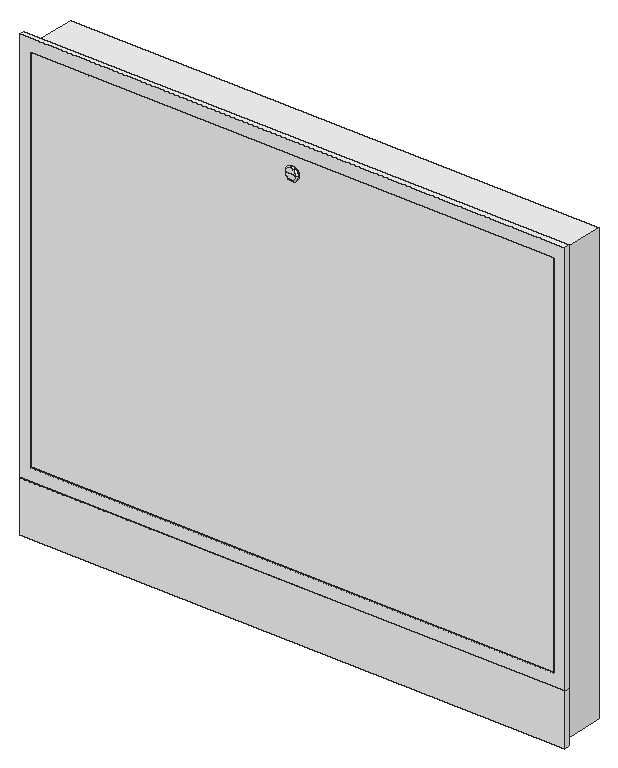
Revit family "UnoFloor Mixing Comfort(Control)_RFA_1", category Pipe Accessories, Revit 2019
Family settings
  Round Connector Dimension = Use Diameter
  Part Type = Valve - Breaks Into
  OmniClass Number = 23.65.55.14.17
  OmniClass Title = Adjusting/Controlling Valves for Liquid Services
  Work Plane-Based = Yes
  Always vertical = Yes
  Cut with Voids When Loaded = No
  Shared = No
Parameters (values of type "UnoFloor Mixing Comfort_4L-12L")
  W = 110.0 mm  # constant formula
  Voltage = 230 V
  URL = "https://store.danfoss.com/en/Climate-Solutions-for-heating/Stations/UnoFloor/c/31547?q=%3Arelevance%3Adanfoss_producttypehierarchydesc%3AUnoFloor+Mixing+%E2%80%93+Comfort&text="
  Type number = 1
  Type Comments = ""
  Right Assembly = not(Left Assembly)  # no
  Required Circuits [instance] = 12
  Product Code [instance] = if(Type number = 1, size_lookup(LookupTableName, "CL", "NA", Number of Circuits), if(Type number = 2, size_lookup(LookupTableName, "CR", "NA", Number of Circuits), if(Type number = 3, size_lookup(LookupTableName, "CoL", "NA", Number of Circuits), if(Type number = 4, size_lookup(LookupTableName, "CoR", "NA", Number of Circuits), "NA"))))  # "088X4612"
  Pressure Drop [instance] = 0.0 Pa
  Power = 0 VA
  Pack Contents = "Danfoss Icon™ Wiring center 230V, Actuators, Stainless steel manifold, Spacer Heat meter, AB-PM, Shunt, Circulation Pump"
  Number of Circuits [instance] = if(Required Circuits < 4, 4, if(Required Circuits > 12, 12, if(Required Circuits = 9, 10, if(Required Circuits = 11, 12, Required Circuits))))  # 12
  Nominal Pressure = "PN 6"  # constant formula
  Model Type [instance] = if(Type number = 1, size_lookup(LookupTableName, "TypeCL", "NA", Number of Circuits), if(Type number = 2, size_lookup(LookupTableName, "TypeCR", "NA", Number of Circuits), if(Type number = 3, size_lookup(LookupTableName, "TypeCoL", "NA", Number of Circuits), if(Type number = 4, size_lookup(LookupTableName, "TypeCoR", "NA", Number of Circuits), "NA"))))  # "Unofloor Mixing 12 Loops Left Icon 230V"
  Model = "088X4604,088X4605,088X4606,088X4607,088X4608,088X4610,088X4612"
  Max Medium Temperature = "60 °C"  # constant formula
  Max Differential Pressure = "0.6 bar"  # constant formula
  Manufacturer = "Danfoss"  # constant formula
  LookupTableName = "Unofloor Mixing Comfort(Control)_Lookup"  # constant formula
  Left Assembly = yes
  L5a [instance] = if(Left Assembly, L5, (L - L5 - ((Number of Circuits - 1) * 50.0 mm)))  # 470.0 mm
  L5 [instance] = if(and(Number of Circuits > 3, Number of Circuits < 7), 420.5 mm, if(and(Number of Circuits > 6, Number of Circuits < 9), 465.0 mm, 470.0 mm))  # 470.0 mm
  L4a [instance] = if(Left Assembly, L4, (L - L4 - ((Number of Circuits - 1) * 50.0 mm)))  # 444.8 mm
  L4 [instance] = if(and(Number of Circuits > 3, Number of Circuits < 7), 395.3 mm, if(and(Number of Circuits > 6, Number of Circuits < 9), 439.8 mm, 444.8 mm))  # 444.8 mm
  L3a [instance] = if(Left Assembly, L3, L - L3)  # 210.2 mm
  L3 [instance] = if(and(Number of Circuits > 3, Number of Circuits < 7), 160.3 mm, if(and(Number of Circuits > 6, Number of Circuits < 9), 204.5 mm, 210.2 mm))  # 210.2 mm
  L2a [instance] = if(Left Assembly, L2, L - L2)  # 111.2 mm
  L2 [instance] = if(and(Number of Circuits > 3, Number of Circuits < 7), 61.7 mm, if(and(Number of Circuits > 6, Number of Circuits < 9), 106.2 mm, 111.2 mm))  # 111.2 mm
  L1 = 50.0 mm  # constant formula
  L [instance] = if(and(Number of Circuits > 3, Number of Circuits < 7), 790.0 mm, if(and(Number of Circuits > 6, Number of Circuits < 9), 940.0 mm, 1140.0 mm))  # 1140.0 mm
  IfcExportType = "Unofloor Mixing Comfort Left"
  IfcExportAs = "IfcValveType"  # constant formula
  H2 = 166.0 mm  # constant formula
  H1 = 262.0 mm  # constant formula
  H = 939.0 mm  # constant formula
  Flow 9 [instance] = 0.0 m³/h
  Flow 8 [instance] = 0.0 m³/h
  Flow 7 [instance] = 0.0 m³/h
  Flow 6 [instance] = 0.0 m³/h
  Flow 5 [instance] = 0.0 m³/h
  Flow 4 [instance] = 0.0 m³/h
  Flow 3 [instance] = 0.0 m³/h
  Flow 2 [instance] = 0.0 m³/h
  Flow 12 [instance] = 0.0 m³/h
  Flow 11 [instance] = 0.0 m³/h
  Flow 10 [instance] = 0.0 m³/h
  Flow 1 [instance] = 0.0 m³/h
  Flow [instance] = 0.0 m³/h
  Description = "Distribution Units"  # constant formula
  Default Elevation = 1219.2 mm
  D = 20.0 mm
  Clearance Zone Front Visibility [instance] = no
  Clearance Zone Front [instance] = 500.0 mm  # constant formula
  Body Material = Danfoss Steel (Zinc Plated and Painted White)
Types (5, lengths in mm): name | URL | Type number | Right Assembly | Product Code | Pack Contents | Model Type | Model | Left Assembly | L5a | L4a | L3a | L2a | IfcExportType
  (no name) | "https://store.danfoss.com/en/Climate-Solutions-for-heating/Stations/UnoFloor/c/31547?q=%3Arelevance%3Adanfoss_producttypehierarchydesc%3AUnoFloor+Mixing+%E2%80%93+Comfort&text=" | 1 | no | "088X4612" | "Danfoss Icon™ Wiring center 230V, Actuators, Stainless steel manifold, Spacer Heat meter, AB-PM, Shunt, Circulation Pump" | "Unofloor Mixing 12 Loops Left Icon 230V" | "088X4604,088X4605,088X4606,088X4607,088X4608,088X4610,088X4612" | yes | 470.0 | 444.8 | 210.2 | 111.2 | "Unofloor Mixing Comfort Left"
  UnoFloor Mixing Control_4L-12L | "https://store.danfoss.com/en/Climate-Solutions-for-heating/Stations/UnoFloor/c/31547?q=%3Arelevance%3Adanfoss_producttypehierarchydesc%3AUnoFloor+Mixing+%E2%80%93+Control&text=" | 3 | no | "088X4722" | "Danfoss Icon2™ Master controller 230V, Actuators, Stainless steel manifold, Spacer Heat meter, AB-PM, Shunt, Circulation Pump" | "Unofloor Mixing 12 Loops Left ICON2 - 230V" | "088X4714,088X4715,088X4716,088X4717,088X4718,088X4720,088X4722" | yes | 470.0 | 444.8 | 210.2 | 111.2 | "Unofloor Mixing Control Left"
  UnoFloor Mixing Control_4R-12R | "https://store.danfoss.com/en/Climate-Solutions-for-heating/Stations/UnoFloor/c/31547?q=%3Arelevance%3Adanfoss_producttypehierarchydesc%3AUnoFloor+Mixing+%E2%80%93+Control&text=" | 4 | yes | "088X4742" | "Danfoss Icon2™ Master controller 230V, Actuators, Stainless steel manifold, Spacer Heat meter, AB-PM, Shunt, Circulation Pump" | "Unofloor Mixing 12 Loops Right ICON2 - 230V" | "088X4734,088X4735,088X4736,088X4737,088X4738,088X4740,088X4742" | no | 120.0 | 145.2 | 929.8 | 1028.8 | "Unofloor Mixing Control Right"
  UnoFloor Mixing Comfort_4L-12L | "https://store.danfoss.com/en/Climate-Solutions-for-heating/Stations/UnoFloor/c/31547?q=%3Arelevance%3Adanfoss_producttypehierarchydesc%3AUnoFloor+Mixing+%E2%80%93+Comfort&text=" | 1 | no | "088X4612" | "Danfoss Icon™ Wiring center 230V, Actuators, Stainless steel manifold, Spacer Heat meter, AB-PM, Shunt, Circulation Pump" | "Unofloor Mixing 12 Loops Left Icon 230V" | "088X4604,088X4605,088X4606,088X4607,088X4608,088X4610,088X4612" | yes | 470.0 | 444.8 | 210.2 | 111.2 | "Unofloor Mixing Comfort Left"
  UnoFloor Mixing Comfort_4R-12R | "https://store.danfoss.com/en/Climate-Solutions-for-heating/Stations/UnoFloor/c/31547?q=%3Arelevance%3Adanfoss_producttypehierarchydesc%3AUnoFloor+Mixing+%E2%80%93+Comfort&text=" | 2 | yes | "088X4632" | "Danfoss Icon™ Wiring center 230V, Actuators, Stainless steel manifold, Spacer Heat meter, AB-PM, Shunt, Circulation Pump" | "Unofloor Mixing 12 Loops Right Icon 230V" | "088X4624,088X4625,088X4626,088X4627,088X4628,088X4630,088X4632" | no | 120.0 | 145.2 | 929.8 | 1028.8 | "Unofloor Mixing Comfort Right"
Reference planes
  plane 1 "Center (Front/Back)": y = 0
  plane 2: z = 0
  plane 3 "Center (Left/Right)": x = 0
  plane 4: x = 0
  plane 5: x = 1140
  plane 6: z = 939
  plane 7 "Ref. Level 4": z = 166
  plane 8 "Ref. Level 3": z = 262
  plane 9 "Ref. Level 1": z = 579.2
  plane 10 "Ref. Level 2": z = 366.2
  plane 11: x = 444.8
  plane 12: y = 100
  plane 13 "Front 1": y = 55.75
  plane 14 "Front 2": y = 29.9
  plane 15: x = 111.2
  plane 16: x = 210.2
  plane 17: x = 470
  plane 18: y = -10
  plane 19: x = 570
  plane 20 "Ref-Level_1": z = 877.5
  plane 21: y = 63.3
  plane 22: y = 54
Forms (mm)
  Extrusion 1, solid
    sketch origin (470, -10.497, 573.404) x (0, 0.996195, 0.087156) y (-1, 0, 0)
      loop
        circle (66.5, 0) r 13.22
    from 0 to 16.7
  Extrusion 2, solid, material "Danfoss Steel (Zinc Plated and Painted White)" <- "Body Material", detail levels fine
    sketch origin (94.5, 0, 0) x (1, 0, 0) y (0, 0, 1)
      loop
        line (-94.5, 0) -> (1045.5, 0) -> (1045.5, 939) -> (-94.5, 939) -> (-94.5, 0)
    from 10 to -100
  Extrusion 3, solid
    sketch origin (520, -10.497, 573.404) x (0, 0.996195, 0.087156) y (-1, 0, 0)
      loop
        circle (66.5, 0) r 13.22
    from 0 to 16.7
  Extrusion 4, solid
    sketch origin (570, -10.497, 573.404) x (0, 0.996195, 0.087156) y (-1, 0, 0)
      loop
        circle (66.5, 0) r 13.22
    from 0 to 16.7
  Extrusion 5, solid
    sketch origin (620, -10.497, 573.404) x (0, 0.996195, 0.087156) y (-1, 0, 0)
      loop
        circle (66.5, 0) r 13.22
    from 0 to 16.7
  Extrusion 6, solid
    sketch origin (408.3, 64.9, 366.2) x (0, 1, 0) y (-1, 0, 0)
      loop
        circle (-35, -36.5) r 13.22
    from 0 to 16.7
  Extrusion 7, solid
    sketch origin (458.3, 64.9, 366.2) x (0, 1, 0) y (-1, 0, 0)
      loop
        circle (-35, -36.5) r 13.22
    from 0 to 16.7
  Extrusion 8, solid
    sketch origin (508.3, 64.9, 366.2) x (0, 1, 0) y (-1, 0, 0)
      loop
        circle (-35, -36.5) r 13.22
    from 0 to 16.7
  Extrusion 9, solid
    sketch origin (558.3, 64.9, 366.2) x (0, 1, 0) y (-1, 0, 0)
      loop
        circle (-35, -36.5) r 13.22
    from 0 to 16.7
  Extrusion 10, solid, material "Danfoss Steel (Zinc Plated and Painted White)" <- "Body Material", detail levels fine
    sketch origin (94.5, 0, 262) x (-1, 0, 0) y (0, -1, 0)
      loop
        circle (-16.7, -54) r 13.2
    from 0 to 12.3
  Extrusion 11, solid, material "Danfoss Steel (Zinc Plated and Painted White)" <- "Body Material", detail levels fine
    sketch origin (94.5, 0, 166) x (-1, 0, 0) y (0, -1, 0)
      loop
        circle (-115.7, -63.3) r 13.2
    from 0 to 12.3
  Extrusion 12, solid
    sketch origin (670, -10.497, 573.404) x (0, 0.996195, 0.087156) y (-1, 0, 0)
      loop
        circle (66.5, 0) r 13.22
    from 0 to 16.7
  Extrusion 13, solid
    sketch origin (720, -10.497, 573.404) x (0, 0.996195, 0.087156) y (-1, 0, 0)
      loop
        circle (66.5, 0) r 13.22
    from 0 to 16.7
  Extrusion 14, solid
    sketch origin (770, -10.497, 573.404) x (0, 0.996195, 0.087156) y (-1, 0, 0)
      loop
        circle (66.5, 0) r 13.22
    from 0 to 16.7
  Extrusion 15, solid
    sketch origin (820, -10.497, 573.404) x (0, 0.996195, 0.087156) y (-1, 0, 0)
      loop
        circle (66.5, 0) r 13.22
    from 0 to 16.7
  Extrusion 16, solid
    sketch origin (870, -10.497, 573.404) x (0, 0.996195, 0.087156) y (-1, 0, 0)
      loop
        circle (66.5, 0) r 13.22
    from 0 to 16.7
  Extrusion 17, solid
    sketch origin (920, -10.497, 573.404) x (0, 0.996195, 0.087156) y (-1, 0, 0)
      loop
        circle (66.5, 0) r 13.22
    from 0 to 16.7
  Extrusion 18, solid
    sketch origin (970, -10.497, 573.404) x (0, 0.996195, 0.087156) y (-1, 0, 0)
      loop
        circle (66.5, 0) r 13.22
    from 0 to 16.7
  Extrusion 19, solid
    sketch origin (1020, -10.497, 573.404) x (0, 0.996195, 0.087156) y (-1, 0, 0)
      loop
        circle (66.5, 0) r 13.22
    from 0 to 16.7
  Extrusion 20, solid
    sketch origin (608.3, 64.9, 366.2) x (0, 1, 0) y (-1, 0, 0)
      loop
        circle (-35, -36.5) r 13.22
    from 0 to 16.7
  Extrusion 21, solid
    sketch origin (658.3, 64.9, 366.2) x (0, 1, 0) y (-1, 0, 0)
      loop
        circle (-35, -36.5) r 13.22
    from 0 to 16.7
  Extrusion 22, solid
    sketch origin (708.3, 64.9, 366.2) x (0, 1, 0) y (-1, 0, 0)
      loop
        circle (-35, -36.5) r 13.22
    from 0 to 16.7
  Extrusion 23, solid
    sketch origin (758.3, 64.9, 366.2) x (0, 1, 0) y (-1, 0, 0)
      loop
        circle (-35, -36.5) r 13.22
    from 0 to 16.7
  Extrusion 24, solid
    sketch origin (808.3, 64.9, 366.2) x (0, 1, 0) y (-1, 0, 0)
      loop
        circle (-35, -36.5) r 13.22
    from 0 to 16.7
  Extrusion 25, solid
    sketch origin (858.3, 64.9, 366.2) x (0, 1, 0) y (-1, 0, 0)
      loop
        circle (-35, -36.5) r 13.22
    from 0 to 16.7
  Extrusion 26, solid
    sketch origin (908.3, 64.9, 366.2) x (0, 1, 0) y (-1, 0, 0)
      loop
        circle (-35, -36.5) r 13.22
    from 0 to 16.7
  Extrusion 27, solid
    sketch origin (958.3, 64.9, 366.2) x (0, 1, 0) y (-1, 0, 0)
      loop
        circle (-35, -36.5) r 13.22
    from 0 to 16.7
  Extrusion 28, void
    sketch origin (0, 0, 0) x (1, 0, 0) y (0, 0, 1)
      loop
        line (23, 912) -> (23, 134) -> (1117, 134) -> (1117, 912) -> (23, 912)
      loop
        line (24, 135) -> (1116, 135) -> (1116, 911) -> (24, 911) -> (24, 135)
    from 0 to 10
  Extrusion 29, void
    sketch origin (0, 0, 0) x (1, 0, 0) y (0, 0, 1)
      loop
        line (0, 108) -> (0, 107) -> (1140, 107) -> (1140, 108) -> (0, 108)
    from 0 to 10
  Extrusion 30, void
    sketch origin (0, 0, 0) x (1, 0, 0) y (0, 0, 1)
      loop
        line (0, 939) -> (0, 0) -> (17.5, 0) -> (17.5, 922) -> (1122.5, 922) -> (1122.5, 0) -> (1140, 0) -> (1140, 939) -> (0, 939)
    from 0 to -100
  Revolve 31, solid, material "Danfoss Steel (Zinc Plated and Painted White)" <- "Body Material", detail levels fine
    sketch origin (0, 0, 877.5) x (-1, 0, 0) y (0, -1, 0)
      loop
        line (-555.988, 10) -> (-555.988, 11) -> (-558.988, 14) -> (-570, 14) -> (-570, 10) -> (-555.988, 10)
      axis (-570, 10) -> (-570, 14)
    angle from 0 to 360
  Extrusion 32, solid, material "Danfoss Steel (Zinc Plated and Painted White)" <- "Body Material", detail levels coarse+medium
    sketch origin (0, 0, 0) x (1, 0, 0) y (0, 0, 1)
      loop
        line (1140, 939) -> (0, 939) -> (0, 0) -> (1140, 0) -> (1140, 939)
    from -100 to 10
  Extrusion 33, solid, material "Transparent", visible <- "Clearance Zone Front Visibility"
    sketch origin (0, 0, 0) x (1, 0, 0) y (0, 0, 1)
      loop
        line (0, 939) -> (0, 0) -> (1140, 0) -> (1140, 939) -> (0, 939)
    from -100 to 400
Cuts and joins
  Extrusion 28, Extrusion 29, Extrusion 30 cuts Extrusion 2
Dimensions and locks
  "L": plane 5 to plane 4
  "H": plane 6 to level
  "H2": plane 7 "Ref. Level 4" to level
  "H1": plane 8 "Ref. Level 3" to level
  locked: plane 9 "Ref. Level 1" to plane 2 at 579.2
  equal spacing: group 1, group 2, group 3, group 4, group 9, group 10, group 11, group 12, group 13, group 14, group 15, group 16  (x3)
  plane 13 "Front 1" to plane 12 = 44.25 mm
  locked: plane 14 "Front 2" to plane 13 "Front 1" at 25.85
  equal spacing: group 5, group 6, group 7, group 8, group 17, group 18, group 19, group 20, group 21, group 22, group 23, group 24  (x3)
  "L1": plane 11 to Extrusion 7
  locked: plane 9 "Ref. Level 1" to plane 10 "Ref. Level 2" at 213
  "L4a": plane 11 to plane 4
  "L1": plane 17 to Extrusion 3
  "L5a": plane 17 to plane 4
  "L2a": plane 15 to plane 4
  "L3a": plane 16 to plane 4
  "W": plane 18 to plane 12
  locked: plane 18 to plane 1 "Center (Front/Back)" at 10
  locked: plane 6 to Extrusion 28 sketch curve at 27
  locked: Extrusion 28 sketch curve to plane 4 at 23
  locked: plane 5 to Extrusion 28 sketch curve at 23
  locked: Extrusion 28 sketch curve to Extrusion 28 sketch curve at 1
  equal spacing: plane 5, plane 19, plane 3 "Center (Left/Right)"
  Extrusion 29 sketch curve to Extrusion 29 sketch curve to plane 2 = 1.0 mm locked, 107.0 mm locked
  locked: Extrusion 30 sketch curve to plane 4 at 17.5
  locked: plane 6 to Extrusion 30 sketch curve at 17
  locked: plane 5 to Extrusion 30 sketch curve at 17.5
  locked: plane 6 to plane 20 "Ref-Level_1" at 61.5
  Revolve 31 sketch curve to Revolve 31 sketch curve = 14.012 mm
  locked: Revolve 31 sketch curve to cut or joined group of Extrusion 2, Extrusion 28, Extrusion 29, Extrusion 30 at 4
  locked: Revolve 31 sketch curve to cut or joined group of Extrusion 2, Extrusion 28, Extrusion 29, Extrusion 30 at 1
  "Clearance Zone Front": Extrusion 33 to plane 12
  plane 11 to plane 16 = 234.6 mm
  locked: plane 21 to plane 12 at 36.7
  locked: plane 22 to plane 12 at 46
  locked: Extrusion 28 sketch curve to plane 2 at 134
  diameter of Extrusion 1 sketch curve = 26.44 mm
  diameter of Extrusion 3 sketch curve = 26.44 mm
  diameter of Extrusion 4 sketch curve = 26.44 mm
  diameter of Extrusion 5 sketch curve = 26.44 mm
  diameter of Extrusion 6 sketch curve = 26.44 mm
  diameter of Extrusion 7 sketch curve = 26.44 mm
  diameter of Extrusion 8 sketch curve = 26.44 mm
  diameter of Extrusion 9 sketch curve = 26.44 mm
  diameter of Extrusion 10 sketch curve = 26.4 mm
  diameter of Extrusion 11 sketch curve = 26.4 mm
  diameter of Extrusion 12 sketch curve = 26.44 mm
  diameter of Extrusion 13 sketch curve = 26.44 mm
  diameter of Extrusion 14 sketch curve = 26.44 mm
  diameter of Extrusion 15 sketch curve = 26.44 mm
  diameter of Extrusion 16 sketch curve = 26.44 mm
  diameter of Extrusion 17 sketch curve = 26.44 mm
  diameter of Extrusion 18 sketch curve = 26.44 mm
  diameter of Extrusion 19 sketch curve = 26.44 mm
  diameter of Extrusion 20 sketch curve = 26.44 mm
  diameter of Extrusion 21 sketch curve = 26.44 mm
  diameter of Extrusion 22 sketch curve = 26.44 mm
  diameter of Extrusion 23 sketch curve = 26.44 mm
  diameter of Extrusion 24 sketch curve = 26.44 mm
  diameter of Extrusion 25 sketch curve = 26.44 mm
  diameter of Extrusion 26 sketch curve = 26.44 mm
  diameter of Extrusion 27 sketch curve = 26.44 mm
  locked: Revolve 31 sketch curve to Revolve 31 sketch curve (angle 135.00°)
  aligned and locked: level to plane 2
  aligned and locked: plane 17 to Extrusion 1
  aligned and locked: plane 11 to Extrusion 6
  aligned and locked: plane 18 to Extrusion 2
  aligned and locked: Extrusion 2 to plane 12
  aligned and locked: Extrusion 2 to Extrusion 28
  aligned and locked: plane 3 "Center (Left/Right)" to Extrusion 29 sketch curve
  aligned and locked: Extrusion 29 sketch curve to plane 5
  aligned and locked: Extrusion 2 to Extrusion 29
  aligned and locked: Extrusion 30 sketch curve to cut or joined group of Extrusion 2, Extrusion 28, Extrusion 29, Extrusion 30  (x2)
  aligned and locked: Extrusion 30 sketch curve to plane 2
  aligned and locked: Extrusion 30 to Extrusion 2
  aligned and locked: cut or joined group of Extrusion 2, Extrusion 28, Extrusion 29, Extrusion 30 to Revolve 31 sketch curve
  aligned and locked: Revolve 31 sketch curve to plane 19
  aligned and locked: Revolve 31 sketch curve to Revolve 31 sketch curve  (x3)
  aligned and locked: Extrusion 32 sketch curve to cut or joined group of Extrusion 2, Extrusion 28, Extrusion 29, Extrusion 30  (x3)
  aligned and locked: cut or joined group of Extrusion 2, Extrusion 28, Extrusion 29, Extrusion 30 to Extrusion 32 sketch curve
  aligned and locked: plane 18 to Extrusion 32
  aligned and locked: Extrusion 32 to plane 12
  aligned and locked: Extrusion 33 sketch curve to cut or joined group of Extrusion 2, Extrusion 28, Extrusion 29, Extrusion 30  (x3)
  aligned and locked: cut or joined group of Extrusion 2, Extrusion 28, Extrusion 29, Extrusion 30 to Extrusion 33 sketch curve
  aligned and locked: Extrusion 33 to plane 12
  aligned and locked: plane 15 to Extrusion 10 sketch curve
  aligned and locked: plane 16 to Extrusion 11 sketch curve
  aligned and locked: Extrusion 10 sketch curve to plane 22
  aligned and locked: plane 21 to Extrusion 11 sketch curve
Automatic sketch dimensions
  Extrusion 2 sketch curve to plane 4 = 0.0 mm
  Extrusion 2 sketch curve to plane 5 = 0.0 mm
  Extrusion 2 sketch curve to level = 0.0 mm
  Extrusion 2 sketch curve to plane 6 = 0.0 mm
  Extrusion 28 sketch curve to Extrusion 28 sketch curve = 1.0 mm  (x3)
  Extrusion 30 sketch curve to level = 0.0 mm
  Extrusion 30 sketch curve to plane 5 = 0.0 mm
Connectors
  piping at (111.2, 54, 262), diameter 20, driven by "D", driven by "Flow"
    settings: on Extrusion 10, index 1, connector inside diameter 609.6 mm, connector length 0.0 mm, flow factor 0, pipe flow 0.0 m³/h, pressure drop 0.0 Pa, fitting loss kfactor 0, connector angle 0.00°, fixture units 0, engagement length 0.0 mm, angle of deflection 0.00°, flow configuration 0, flow direction 2, fitting loss method 0, system type 8, joint type 0, gender type 0, connector reference index -1, connector utility 0, adjustable connector no, is connector primary yes, connector description "Return"
  piping at (210.2, 63.3, 166), diameter 20, driven by "D", driven by "Flow"
    settings: on Extrusion 11, index 2, connector inside diameter 609.6 mm, connector length 0.0 mm, flow factor 0, pipe flow 0.0 m³/h, pressure drop 0.0 Pa, fitting loss kfactor 0, connector angle 0.00°, fixture units 0, engagement length 0.0 mm, angle of deflection 0.00°, flow configuration 0, flow direction 1, fitting loss method 0, system type 7, joint type 0, gender type 0, connector reference index -1, connector utility 0, adjustable connector no, is connector primary no, connector description "Supply"
  piping at (444.8, 29.9, 366.2), diameter 20, driven by "D", driven by "Flow 1"
    settings: on Extrusion 6, index 3, connector inside diameter 609.6 mm, connector length 0.0 mm, flow factor 0, pipe flow 0.0 m³/h, pressure drop 0.0 Pa, fitting loss kfactor 0, connector angle 0.00°, fixture units 0, engagement length 0.0 mm, angle of deflection 0.00°, flow configuration 0, flow direction 1, fitting loss method 0, system type 7, joint type 0, gender type 0, connector reference index -1, connector utility 0, adjustable connector no, is connector primary no, connector description "Supply1"
  piping at (494.8, 29.9, 366.2), diameter 20, driven by "D", driven by "Flow 2"
    settings: on Extrusion 7, index 4, connector inside diameter 609.6 mm, connector length 0.0 mm, flow factor 0, pipe flow 0.0 m³/h, pressure drop 0.0 Pa, fitting loss kfactor 0, connector angle 0.00°, fixture units 0, engagement length 0.0 mm, angle of deflection 0.00°, flow configuration 0, flow direction 1, fitting loss method 0, system type 7, joint type 0, gender type 0, connector reference index -1, connector utility 0, adjustable connector no, is connector primary no, connector description "Supply2"
  piping at (544.8, 29.9, 366.2), diameter 20, driven by "D", driven by "Flow 3"
    settings: on Extrusion 8, index 5, connector inside diameter 609.6 mm, connector length 0.0 mm, flow factor 0, pipe flow 0.0 m³/h, pressure drop 0.0 Pa, fitting loss kfactor 0, connector angle 0.00°, fixture units 0, engagement length 0.0 mm, angle of deflection 0.00°, flow configuration 0, flow direction 1, fitting loss method 0, system type 7, joint type 0, gender type 0, connector reference index -1, connector utility 0, adjustable connector no, is connector primary no, connector description "Supply3"
  piping at (594.8, 29.9, 366.2), diameter 20, driven by "D", driven by "Flow 4"
    settings: on Extrusion 9, index 6, connector inside diameter 609.6 mm, connector length 0.0 mm, flow factor 0, pipe flow 0.0 m³/h, pressure drop 0.0 Pa, fitting loss kfactor 0, connector angle 0.00°, fixture units 0, engagement length 0.0 mm, angle of deflection 0.00°, flow configuration 0, flow direction 1, fitting loss method 0, system type 7, joint type 0, gender type 0, connector reference index -1, connector utility 0, adjustable connector no, is connector primary no, connector description "Supply4"
  piping at (620, 55.75, 579.2), diameter 20, driven by "D", driven by "Flow 4"
    settings: on Extrusion 5, index 11, connector inside diameter 609.6 mm, connector length 0.0 mm, flow factor 0, pipe flow 0.0 m³/h, pressure drop 0.0 Pa, fitting loss kfactor 0, connector angle 0.00°, fixture units 0, engagement length 0.0 mm, angle of deflection 0.00°, flow configuration 0, flow direction 2, fitting loss method 0, system type 8, joint type 0, gender type 0, connector reference index -1, connector utility 0, adjustable connector no, is connector primary no, connector description "Return4"
  piping at (570, 55.75, 579.2), diameter 20, driven by "D", driven by "Flow 3"
    settings: on Extrusion 4, index 12, connector inside diameter 609.6 mm, connector length 0.0 mm, flow factor 0, pipe flow 0.0 m³/h, pressure drop 0.0 Pa, fitting loss kfactor 0, connector angle 0.00°, fixture units 0, engagement length 0.0 mm, angle of deflection 0.00°, flow configuration 0, flow direction 2, fitting loss method 0, system type 8, joint type 0, gender type 0, connector reference index -1, connector utility 0, adjustable connector no, is connector primary no, connector description "Return3"
  piping at (520, 55.75, 579.2), diameter 20, driven by "D", driven by "Flow 2"
    settings: on Extrusion 3, index 13, connector inside diameter 609.6 mm, connector length 0.0 mm, flow factor 0, pipe flow 0.0 m³/h, pressure drop 0.0 Pa, fitting loss kfactor 0, connector angle 0.00°, fixture units 0, engagement length 0.0 mm, angle of deflection 0.00°, flow configuration 0, flow direction 2, fitting loss method 0, system type 8, joint type 0, gender type 0, connector reference index -1, connector utility 0, adjustable connector no, is connector primary no, connector description "Return2"
  piping at (470, 55.75, 579.2), diameter 20, driven by "D", driven by "Flow 1"
    settings: on Extrusion 1, index 14, connector inside diameter 609.6 mm, connector length 0.0 mm, flow factor 0, pipe flow 0.0 m³/h, pressure drop 0.0 Pa, fitting loss kfactor 0, connector angle 0.00°, fixture units 0, engagement length 0.0 mm, angle of deflection 0.00°, flow configuration 0, flow direction 2, fitting loss method 0, system type 8, joint type 0, gender type 0, connector reference index -1, connector utility 0, adjustable connector no, is connector primary no, connector description "Return1"
  piping at (670, 55.75, 579.2), diameter 20, driven by "D", driven by "Flow 5"
    settings: on Extrusion 12, index 15, connector inside diameter 609.6 mm, connector length 0.0 mm, flow factor 0, pipe flow 0.0 m³/h, pressure drop 0.0 Pa, fitting loss kfactor 0, connector angle 0.00°, fixture units 0, engagement length 0.0 mm, angle of deflection 0.00°, flow configuration 0, flow direction 2, fitting loss method 0, system type 8, joint type 0, gender type 0, connector reference index -1, connector utility 0, adjustable connector no, is connector primary no, connector description "Return5"
  piping at (720, 55.75, 579.2), diameter 20, driven by "D", driven by "Flow 6"
    settings: on Extrusion 13, index 16, connector inside diameter 609.6 mm, connector length 0.0 mm, flow factor 0, pipe flow 0.0 m³/h, pressure drop 0.0 Pa, fitting loss kfactor 0, connector angle 0.00°, fixture units 0, engagement length 0.0 mm, angle of deflection 0.00°, flow configuration 0, flow direction 2, fitting loss method 0, system type 8, joint type 0, gender type 0, connector reference index -1, connector utility 0, adjustable connector no, is connector primary no, connector description "Return6"
  piping at (770, 55.75, 579.2), diameter 20, driven by "D", driven by "Flow 7"
    settings: on Extrusion 14, index 17, connector inside diameter 609.6 mm, connector length 0.0 mm, flow factor 0, pipe flow 0.0 m³/h, pressure drop 0.0 Pa, fitting loss kfactor 0, connector angle 0.00°, fixture units 0, engagement length 0.0 mm, angle of deflection 0.00°, flow configuration 0, flow direction 2, fitting loss method 0, system type 8, joint type 0, gender type 0, connector reference index -1, connector utility 0, adjustable connector no, is connector primary no, connector description "Return7"
  piping at (820, 55.75, 579.2), diameter 20, driven by "D", driven by "Flow 8"
    settings: on Extrusion 15, index 18, connector inside diameter 609.6 mm, connector length 0.0 mm, flow factor 0, pipe flow 0.0 m³/h, pressure drop 0.0 Pa, fitting loss kfactor 0, connector angle 0.00°, fixture units 0, engagement length 0.0 mm, angle of deflection 0.00°, flow configuration 0, flow direction 2, fitting loss method 0, system type 8, joint type 0, gender type 0, connector reference index -1, connector utility 0, adjustable connector no, is connector primary no, connector description "Return8"
  piping at (870, 55.75, 579.2), diameter 20, driven by "D", driven by "Flow 9"
    settings: on Extrusion 16, index 19, connector inside diameter 609.6 mm, connector length 0.0 mm, flow factor 0, pipe flow 0.0 m³/h, pressure drop 0.0 Pa, fitting loss kfactor 0, connector angle 0.00°, fixture units 0, engagement length 0.0 mm, angle of deflection 0.00°, flow configuration 0, flow direction 2, fitting loss method 0, system type 8, joint type 0, gender type 0, connector reference index -1, connector utility 0, adjustable connector no, is connector primary no, connector description "Return9"
  piping at (920, 55.75, 579.2), diameter 20, driven by "D", driven by "Flow 10"
    settings: on Extrusion 17, index 20, connector inside diameter 609.6 mm, connector length 0.0 mm, flow factor 0, pipe flow 0.0 m³/h, pressure drop 0.0 Pa, fitting loss kfactor 0, connector angle 0.00°, fixture units 0, engagement length 0.0 mm, angle of deflection 0.00°, flow configuration 0, flow direction 2, fitting loss method 0, system type 8, joint type 0, gender type 0, connector reference index -1, connector utility 0, adjustable connector no, is connector primary no, connector description "Return10"
  piping at (970, 55.75, 579.2), diameter 20, driven by "D", driven by "Flow 11"
    settings: on Extrusion 18, index 21, connector inside diameter 609.6 mm, connector length 0.0 mm, flow factor 0, pipe flow 0.0 m³/h, pressure drop 0.0 Pa, fitting loss kfactor 0, connector angle 0.00°, fixture units 0, engagement length 0.0 mm, angle of deflection 0.00°, flow configuration 0, flow direction 2, fitting loss method 0, system type 8, joint type 0, gender type 0, connector reference index -1, connector utility 0, adjustable connector no, is connector primary no, connector description "Return11"
  piping at (1020, 55.75, 579.2), diameter 20, driven by "D", driven by "Flow 12"
    settings: on Extrusion 19, index 22, connector inside diameter 609.6 mm, connector length 0.0 mm, flow factor 0, pipe flow 0.0 m³/h, pressure drop 0.0 Pa, fitting loss kfactor 0, connector angle 0.00°, fixture units 0, engagement length 0.0 mm, angle of deflection 0.00°, flow configuration 0, flow direction 2, fitting loss method 0, system type 8, joint type 0, gender type 0, connector reference index -1, connector utility 0, adjustable connector no, is connector primary no, connector description "Return12"
  piping at (994.8, 29.9, 366.2), diameter 20, driven by "D", driven by "Flow 12"
    settings: on Extrusion 27, index 23, connector inside diameter 609.6 mm, connector length 0.0 mm, flow factor 0, pipe flow 0.0 m³/h, pressure drop 0.0 Pa, fitting loss kfactor 0, connector angle 0.00°, fixture units 0, engagement length 0.0 mm, angle of deflection 0.00°, flow configuration 0, flow direction 1, fitting loss method 0, system type 7, joint type 0, gender type 0, connector reference index -1, connector utility 0, adjustable connector no, is connector primary no, connector description "Supply12"
  piping at (944.8, 29.9, 366.2), diameter 20, driven by "D", driven by "Flow 11"
    settings: on Extrusion 26, index 24, connector inside diameter 609.6 mm, connector length 0.0 mm, flow factor 0, pipe flow 0.0 m³/h, pressure drop 0.0 Pa, fitting loss kfactor 0, connector angle 0.00°, fixture units 0, engagement length 0.0 mm, angle of deflection 0.00°, flow configuration 0, flow direction 1, fitting loss method 0, system type 7, joint type 0, gender type 0, connector reference index -1, connector utility 0, adjustable connector no, is connector primary no, connector description "Supply11"
  piping at (894.8, 29.9, 366.2), diameter 20, driven by "D", driven by "Flow 10"
    settings: on Extrusion 25, index 25, connector inside diameter 609.6 mm, connector length 0.0 mm, flow factor 0, pipe flow 0.0 m³/h, pressure drop 0.0 Pa, fitting loss kfactor 0, connector angle 0.00°, fixture units 0, engagement length 0.0 mm, angle of deflection 0.00°, flow configuration 0, flow direction 1, fitting loss method 0, system type 7, joint type 0, gender type 0, connector reference index -1, connector utility 0, adjustable connector no, is connector primary no, connector description "Supply10"
  piping at (844.8, 29.9, 366.2), diameter 20, driven by "D", driven by "Flow 9"
    settings: on Extrusion 24, index 26, connector inside diameter 609.6 mm, connector length 0.0 mm, flow factor 0, pipe flow 0.0 m³/h, pressure drop 0.0 Pa, fitting loss kfactor 0, connector angle 0.00°, fixture units 0, engagement length 0.0 mm, angle of deflection 0.00°, flow configuration 0, flow direction 1, fitting loss method 0, system type 7, joint type 0, gender type 0, connector reference index -1, connector utility 0, adjustable connector no, is connector primary no, connector description "Supply9"
  piping at (794.8, 29.9, 366.2), diameter 20, driven by "D", driven by "Flow 8"
    settings: on Extrusion 23, index 27, connector inside diameter 609.6 mm, connector length 0.0 mm, flow factor 0, pipe flow 0.0 m³/h, pressure drop 0.0 Pa, fitting loss kfactor 0, connector angle 0.00°, fixture units 0, engagement length 0.0 mm, angle of deflection 0.00°, flow configuration 0, flow direction 1, fitting loss method 0, system type 7, joint type 0, gender type 0, connector reference index -1, connector utility 0, adjustable connector no, is connector primary no, connector description "Supply8"
  piping at (744.8, 29.9, 366.2), diameter 20, driven by "D", driven by "Flow 7"
    settings: on Extrusion 22, index 28, connector inside diameter 609.6 mm, connector length 0.0 mm, flow factor 0, pipe flow 0.0 m³/h, pressure drop 0.0 Pa, fitting loss kfactor 0, connector angle 0.00°, fixture units 0, engagement length 0.0 mm, angle of deflection 0.00°, flow configuration 0, flow direction 1, fitting loss method 0, system type 7, joint type 0, gender type 0, connector reference index -1, connector utility 0, adjustable connector no, is connector primary no, connector description "Supply7"
  piping at (694.8, 29.9, 366.2), diameter 20, driven by "D", driven by "Flow 6"
    settings: on Extrusion 21, index 29, connector inside diameter 609.6 mm, connector length 0.0 mm, flow factor 0, pipe flow 0.0 m³/h, pressure drop 0.0 Pa, fitting loss kfactor 0, connector angle 0.00°, fixture units 0, engagement length 0.0 mm, angle of deflection 0.00°, flow configuration 0, flow direction 1, fitting loss method 0, system type 7, joint type 0, gender type 0, connector reference index -1, connector utility 0, adjustable connector no, is connector primary no, connector description "Supply6"
  piping at (644.8, 29.9, 366.2), diameter 20, driven by "D", driven by "Flow 5"
    settings: on Extrusion 20, index 30, connector inside diameter 609.6 mm, connector length 0.0 mm, flow factor 0, pipe flow 0.0 m³/h, pressure drop 0.0 Pa, fitting loss kfactor 0, connector angle 0.00°, fixture units 0, engagement length 0.0 mm, angle of deflection 0.00°, flow configuration 0, flow direction 1, fitting loss method 0, system type 7, joint type 0, gender type 0, connector reference index -1, connector utility 0, adjustable connector no, is connector primary no, connector description "Supply5"
  electrical at (0, 0, 0), driven by "Voltage", driven by "Power"
    settings: index 31, voltage 230 V, apparent load 0 VA, apparent load phase1 0 VA, apparent load phase2 0 VA, apparent load phase3 0 VA, power factor 0.95, load classification "HVAC", number of poles 1, system type 30, power factor state 1, is connector primary yes, connector utility no, sub classification motor no, connector description ""
